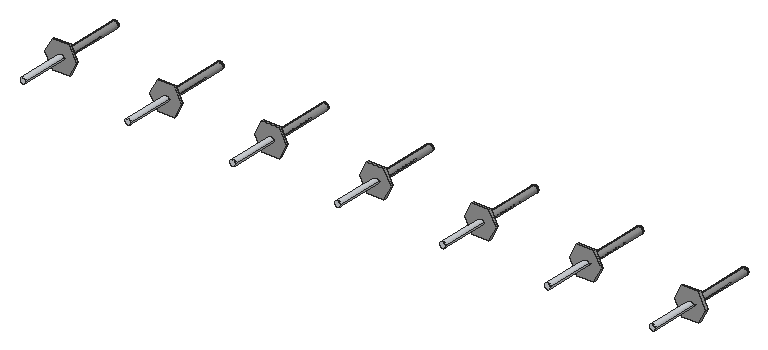
Revit family "Dorn LD - type - Kopi", category Generic Models, Revit 2019
Family settings
  Can host rebar = No
  Round Connector Dimension = Use Diameter
  Part Type = Normal
  Work Plane-Based = Yes
  Always vertical = No
  Cut with Voids When Loaded = No
  Shared = No
  Room Calculation Point = No
Parameters (values of type "16/270 A4")
  Website Link [instance] = "https://haucon.dk/produkt/dorn-ld/#variations"
  Total Width = 270 mm
  Total Length [instance] = 2440 mm
  Technical Data Sheet [instance] = "https://haucon.dk/wp-content/uploads/2018/02/TA-Dorn-LD-TI-DK.pdf"
  Metal = Stainless Steel A4
  Height Dowel [instance] = 0 mm
  Dowel count [instance] = (Total Length / Distance) - 1  # 7
  Distance from start [instance] = 300 mm
  Distance [instance] = 300 mm
  Diameter = 16 mm
  Default Elevation = 1219.2 mm
Reference planes
  plane 1 "Center (Front/Back)": y = 0
  plane 2: z = 0
  plane 3 "Center (Left/Right)": x = 0
  plane 4: x = 2440
  plane 5: x = 300
  plane 6: x = 600
  plane 7: x = 900
  plane 8: x = 1200
  plane 9: x = 1500
  plane 10: x = 1800
  plane 11: x = 2100
Dimensions and locks
  equal spacing: group 1, group 2, group 3, group 4, group 5, group 6, group 7  (x3)
  "Total Length": plane 3 "Center (Left/Right)" to plane 4
  "Distance from start": plane 3 "Center (Left/Right)" to plane 5
  "Distance": plane 5 to plane 6
  aligned and locked: level to plane 2
Nested families
  nested 1: "Family1" at (273.576, 0, 0), Diameter <- "Diameter", Height Dowel <- "Height Dowel", Total Width <- "Total Width", type "Family1"
    with Total Width 270 mm, Height Dowel 0 mm, Diameter 16 mm
  nested 2: "Family1" at (573.576, 0, 0), Diameter <- "Diameter", Height Dowel <- "Height Dowel", Total Width <- "Total Width", type "Family1"
    with Total Width 270 mm, Height Dowel 0 mm, Diameter 16 mm
  nested 3: "Family1" at (873.576, 0, 0), Diameter <- "Diameter", Height Dowel <- "Height Dowel", Total Width <- "Total Width", type "Family1"
    with Total Width 270 mm, Height Dowel 0 mm, Diameter 16 mm
  nested 4: "Family1" at (1173.576, 0, 0), Diameter <- "Diameter", Height Dowel <- "Height Dowel", Total Width <- "Total Width", type "Family1"
    with Total Width 270 mm, Height Dowel 0 mm, Diameter 16 mm
  nested 5: "Family1" at (1473.576, 0, 0), Diameter <- "Diameter", Height Dowel <- "Height Dowel", Total Width <- "Total Width", type "Family1"
    with Total Width 270 mm, Height Dowel 0 mm, Diameter 16 mm
  nested 6: "Family1" at (1773.576, 0, 0), Diameter <- "Diameter", Height Dowel <- "Height Dowel", Total Width <- "Total Width", type "Family1"
    with Total Width 270 mm, Height Dowel 0 mm, Diameter 16 mm
  nested 7: "Family1" at (2073.576, 0, 0), Diameter <- "Diameter", Height Dowel <- "Height Dowel", Total Width <- "Total Width", type "Family1"
    with Total Width 270 mm, Height Dowel 0 mm, Diameter 16 mm
  nested 8: "Glidehylse_LD_16_Part_P_p_i_t_4031208" at (300, 0, 0) x (0, 1, 0) z (0, 0, 1), type "LD16_Part_P"
    with Elevation Height 0 mm
  nested 9: "Glidehylse_LD_16_Part_P_p_i_t_4031208" at (600, 0, 0) x (0, 1, 0) z (0, 0, 1), type "LD16_Part_P"
    with Elevation Height 0 mm
  nested 10: "Glidehylse_LD_16_Part_P_p_i_t_4031208" at (900, 0, 0) x (0, 1, 0) z (0, 0, 1), type "LD16_Part_P"
    with Elevation Height 0 mm
  nested 11: "Glidehylse_LD_16_Part_P_p_i_t_4031208" at (1200, 0, 0) x (0, 1, 0) z (0, 0, 1), type "LD16_Part_P"
    with Elevation Height 0 mm
  nested 12: "Glidehylse_LD_16_Part_P_p_i_t_4031208" at (1500, 0, 0) x (0, 1, 0) z (0, 0, 1), type "LD16_Part_P"
    with Elevation Height 0 mm
  nested 13: "Glidehylse_LD_16_Part_P_p_i_t_4031208" at (1800, 0, 0) x (0, 1, 0) z (0, 0, 1), type "LD16_Part_P"
    with Elevation Height 0 mm
  nested 14: "Glidehylse_LD_16_Part_P_p_i_t_4031208" at (2100, 0, 0) x (0, 1, 0) z (0, 0, 1), type "LD16_Part_P"
    with Elevation Height 0 mm
Definition of nested family "Family1"
  Parameters (values of type "Family1")
    Total Width [instance] = 320 mm
    Height Dowel [instance] = 100 mm
    Diameter [instance] = 20 mm
    Default Elevation = 1219.2 mm
  Reference planes
    plane 1 "Center (Front/Back)": y = 0
    plane 2: z = 0
    plane 3 "Center (Left/Right)": x = 0
    plane 4: y = 160
    plane 5: y = -160
    plane 6: x = -140
    plane 7: x = 140
    plane 8 "Dowel Height": z = 100
  Forms (mm)
    Extrusion 1, solid
      sketch origin (8.617, 0, 0) x (1, 0, 0) y (0, 0, 1)
        loop
          circle (17.807, 100) r 10
      from -160 to 160
  Dimensions and locks
    plane 6 to plane 7 = 280 mm
    equal spacing: plane 6, plane 3 "Center (Left/Right)", plane 7
    equal spacing: plane 4, plane 1 "Center (Front/Back)", plane 5
    "Total Width": plane 4 to plane 5
    "Height Dowel": plane 8 "Dowel Height" to level
    "Diameter": diameter of Extrusion 1 sketch curve
    aligned and locked: level to plane 2
    aligned and locked: plane 8 "Dowel Height" to Extrusion 1
    aligned and locked: plane 4 to Extrusion 1
    aligned and locked: plane 5 to Extrusion 1
  Automatic sketch dimensions
    Extrusion 1 sketch curve to plane 8 "Dowel Height" = 0 mm
    plane 3 "Center (Left/Right)" to Extrusion 1 sketch curve = 26.424 mm
Definition of nested family "Glidehylse_LD_16_Part_P_p_i_t_4031208"
  Parameters (values of type "LD16_Part_P")
    Website Link = "https://haucon.dk/produkt/dorn-ld/#variations"
    Total Length = 195 mm
    Technical Data Sheet = "https://haucon.dk/wp-content/uploads/2018/02/TA-Dorn-LD-TI-DK.pdf"
    Sleeve Inner Diameter = 17 mm
    Plastic Black = none
    Plastic = none
    Hexagon Height = 5 mm
    Elevation Height = 100 mm
    Default Elevation = 1219.2 mm
    Cap Height = 5 mm
  Types (3, lengths in mm): name | Total Length | Sleeve Inner Diameter
    (no name) | 195 | 17
    LD16_Part_P | 195 | 17
    LD20_Part_P | 220 | 21
  Reference planes
    plane 1 "Center (Front/Back)": y = 0
    plane 2: z = 0
    plane 3 "Center (Left/Right)": x = 0
    plane 4: x = 5
    plane 5: x = 190
    plane 6: x = 195
    plane 7: z = 100
    plane 8: z = 91.5
    plane 9: z = 108.5
  Forms (mm)
    Revolve 1, solid, material <- "Plastic"
      sketch origin (0, 0, 92.286) x (0, 0, -1) y (1, 0, 0)
        loop
          line (-17.714, 5) -> (-16.214, 5) -> (-16.214, 190) -> (-17.714, 190) -> (-17.714, 5)
        axis (-7.714, 190) -> (-7.714, 5)
      angle from 0 to 360
    Revolve 2, solid, material <- "Plastic Black"
      sketch origin (0, 0, 89.786) x (0, 0, -1) y (1, 0, 0)
        loop
          line (-20.214, 190) -> (-18.714, 190) -> (-18.714, 193.5) -> (-10.214, 193.5) -> (-10.214, 195) -> (-18.753, 195)
          arc (-18.753, 195) -> (-19.786, 194.572) -> (-20.214, 193.539) r 1.461
          line (-20.214, 193.539) -> (-20.214, 190)
        axis (-10.214, 195) -> (-10.214, 190)
      angle from 0 to 360
    Extrusion 3, solid, material <- "Plastic"
      sketch origin (0, 0, -50) x (0, 1, 0) y (0, 0, 1)
        loop
          line (44.91, 150) -> (24.313, 190) -> (-24.476, 190) -> (-45.073, 150) -> (-24.476, 110) -> (24.313, 110) -> (44.91, 150)
      from 0 to 5
  Dimensions and locks
    equal spacing: plane 9, plane 7, plane 8
    "Sleeve Inner Diameter": plane 9 to plane 8
    "Cap Height": plane 6 to plane 5
    "Hexagon Height": plane 4 to plane 3 "Center (Left/Right)"
    "Elevation Height": plane 7 to level
    "Total Length": plane 6 to plane 3 "Center (Left/Right)"
    locked: Extrusion 3 sketch curve to Extrusion 3 sketch curve at 80  (x3)
    aligned and locked: level to plane 2
    aligned and locked: Revolve 1 to plane 4
    aligned and locked: plane 9 to Revolve 1 sketch curve
    aligned and locked: plane 7 to Revolve 1 sketch curve
    aligned and locked: Revolve 2 sketch curve to plane 9
    aligned and locked: plane 7 to Revolve 2 sketch curve  (x2)
    aligned and locked: plane 5 to Revolve 2 sketch curve
    aligned and locked: Revolve 2 sketch curve to plane 6
    aligned and locked: Revolve 1 sketch curve to plane 5
    aligned and locked: Extrusion 3 to plane 7
  Automatic sketch dimensions
    Revolve 2 sketch curve to Revolve 2 sketch curve = 0.711 mm
    Revolve 2 sketch curve to Revolve 2 sketch curve = 0.039 mm  (x2)
    Revolve 2 sketch curve to Revolve 2 sketch curve = 1.739 mm
    Revolve 2 sketch curve to Revolve 2 sketch curve = 1.461 mm
    Revolve 1 sketch curve to plane 4 = 0 mm
    Revolve 1 sketch curve to Revolve 1 sketch curve = 1.5 mm
    Revolve 1 sketch curve to plane 5 = 15.148 mm
    Revolve 1 sketch curve to plane 5 = 0.148 mm
    plane 1 "Center (Front/Back)" to Extrusion 3 sketch curve = 24.476 mm  (x2)
    Extrusion 3 sketch curve to plane 7 = 0 mm
    plane 7 to Extrusion 3 sketch curve = 0 mm
    Extrusion 3 sketch curve to Extrusion 3 sketch curve = 20.597 mm
